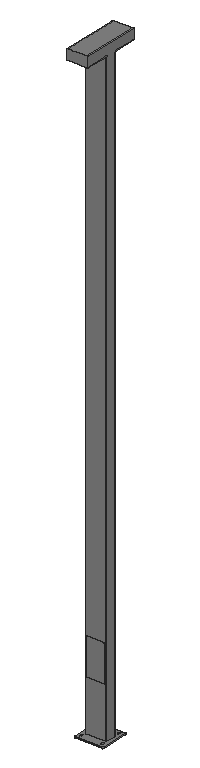
Revit family "Супремус В", category Осветительные приборы, Revit 2019 (continued)
Types (7, lengths in mm): name | Файл фотометрической сетки | built-in parameter 1150105 | Lumens | built-in parameter 1150106 | built-in parameter 1150142 | Wattage | L_общая рассеиватели | ADSK_Фактическая мощность | ADSK_Размер_Высота | ADSK_Номинальная мощность | ADSK_Наименование | ADSK_Масса_Текст | ADSK_Масса | ADSK_Артикул | 2
     41.6 40.0 38.4 36.5 34.7 33.2 32.3 30.6 29.3 28.5\r\n 26.3 23.0 19.4 17.2 16.0 15.0 14.0 13.2 12.4 11.4 10.1 9.5 9.4 9.6 9.9 9.4 8.7 8.2 7.5 7.5 7.0 7.6 7.8 7.5 6.8 5.9 5.2 5.0 4.9\r\n 5.1 5.3 5.4 0.0 0.0 0.0 0.0 0.0 0.0 0.0 0.0 0.0 0.0 0.0 0.0 0.0 0.0 0.0 0.0 0.0 0.0 0.0 0.0 0.0 0.0 0.0 0.0 0.0 0.0 0.0 0.0 0.0\r\n 0.0 0.0 0.0 0.0 0.0 0.0 0.0 0.0 0.0 0.0 0.0 0.0 0.0 0.0 0.0 0.0 0.0 0.0 0.0 0.0 0.0 0.0 0.0 0.0 0.0 0.0 0.0 0.0 0.0 0.0 0.0 0.0\r\n 0.0 0.0 0.0 0.0 0.0 0.0 0.0 0.0 0.0 0.0 0.0 0.0 0.0 0.0 0.0 0.0 0.0 0.0 0.0 0.0 0.0 0.0 0.0 0.0 0.0 0.0 0.0 0.0 0.0 0.0 0.0 0.0\r\n 0.0 0.0 0.0 0.0 0.0 0.0 0.0 0.0 0.0 0.0 0.0 0.0 0.0 0.0 0.0 0.0 0.0 0.0 0.0 0.0 0.0 0.0 0.0 0.0 0.0 0.0 0.0 0.0 0.0 0.0 0.0 0.0\r\n 0.0 0.0 0.0 0.0 0.0 0.0 0.0 0.0 0.0 0.0 0.0 0.0 0.0 0.0 0.0 0.0 0.0 0.0 0.0 0.0 0.0 0.0 0.0 0.0 0.0 0.0 0.0 0.0 0.0 0.0 0.0 0.0\r\n 0.0 0.0 0.0\r\n275.6 273.3 270.8 268.1 265.9 263.1 260.6 258.2 255.5 252.9 250.2 247.2 243.8 239.9 235.5 231.1 227.1 223.2 220.1 217.2 214.0\r\n 210.7 207.1 203.2 199.2 195.4 191.3 187.4 183.1 178.7 174.0 169.0 163.9 158.9 154.0 149.5 145.1 140.9 137.3 134.0 130.8 128.1\r\n 125.5 122.8 120.4 118.0 115.6 113.1 110.3 107.4 104.4 101.3 98.5 95.8 93.2 90.5 87.6 84.6 81.8 79.1 76.8 74.3 72.0 69.7 67.3 65.3\r\n 63.2 61.3 59.6 58.0 56.5 55.0 53.5 52.1 50.6 49.2 48.0 46.7 45.5 44.5 43.5 42.6 41.7 40.9 40.1 39.3 38.6 38.1 37.8 37.3 37.1 37.0\r\n 37.1 37.0 36.8 37.0 37.4 37.8 38.1 38.0 37.8 37.6 37.3 36.8 36.6 37.1 37.0 36.8 36.2 35.5 34.8 34.0 33.7 33.4 33.0 33.0 33.0 33.3\r\n 34.0 34.6 35.5 36.7 38.1 40.0 42.8 47.2 51.7 56.4 60.8 64.8 68.8 72.0 73.8 73.9 72.0 71.0 68.6 66.5 64.1 62.7 61.3 60.0 58.5 56.8\r\n 56.1 55.2 54.4 53.4 52.5 51.8 51.1 50.4 49.5 48.6 47.6 46.3 45.2 44.3 43.2 42.2 40.4 38.6 36.6 34.9 33.6 32.3 30.6 29.5 28.1 25.7\r\n 22.1 18.9 17.2 16.0 14.9 13.9 13.1 12.3 11.4 9.9 9.6 9.6 10.0 9.9 9.6 8.8 8.1 7.7 7.5 7.8 8.6 8.4 7.8 6.8 5.8 5.3 5.2 5.0 5.3 5.5\r\n 5.7 0.0 0.0 0.0 0.0 0.0 0.0 0.0 0.0 0.0 0.0 0.0 0.0 0.0 0.0 0.0 0.0 0.0 0.0 0.0 0.0 0.0 0.0 0.0 0.0 0.0 0.0 0.0 0.0 0.0 0.0 0.0\r\n 0.0 0.0 0.0 0.0 0.0 0.0 0.0 0.0 0.0 0.0 0.0 0.0 0.0 0.0 0.0 0.0 0.0 0.0 0.0 0.0 0.0 0.0 0.0 0.0 0.0 0.0 0.0 0.0 0.0 0.0 0.0 0.0\r\n 0.0 0.0 0.0 0.0 0.0 0.0 0.0 0.0 0.0 0.0 0.0 0.0 0.0 0.0 0.0 0.0 0.0 0.0 0.0 0.0 0.0 0.0 0.0 0.0 0.0 0.0 0.0 0.0 0.0 0.0 0.0 0.0\r\n 0.0 0.0 0.0 0.0 0.0 0.0 0.0 0.0 0.0 0.0 0.0 0.0 0.0 0.0 0.0 0.0 0.0 0.0 0.0 0.0 0.0 0.0 0.0 0.0 0.0 0.0 0.0 0.0 0.0 0.0 0.0 0.0\r\n 0.0 0.0 0.0 0.0 0.0 0.0 0.0 0.0 0.0 0.0 0.0 0.0 0.0 0.0 0.0 0.0 0.0 0.0 0.0 0.0 0.0 0.0 0.0 0.0 0.0 0.0 0.0 0.0 0.0 0.0 0.0 0.0\r\n 0.0\r\n275.6 273.1 270.6 268.0 265.6 263.0 260.5 258.1 255.4 252.7 250.1 247.1 243.8 240.0 235.6 231.1 227.0 223.2 219.9 216.9 213.9\r\n 210.5 207.1 203.2 199.1 195.2 191.3 187.2 183.0 178.5 173.6 168.6 163.8 158.8 153.9 149.2 144.9 140.9 137.1 133.8 130.8 128.1\r\n 125.4 122.6 119.9 117.5 115.3 112.7 109.9 107.0 103.9 100.8 97.9 95.3 92.7 90.0 87.2 84.2 81.4 78.7 76.4 74.1 71.7 69.3 67.0 64.8\r\n 62.8 61.0 59.2 57.6 56.2 54.7 53.3 51.8 50.4 49.0 47.8 46.6 45.4 44.3 43.4 42.5 41.7 40.9 40.1 39.3 38.6 38.3 37.9 37.5 37.3 37.1\r\n 37.1 37.0 36.8 36.8 37.3 37.8 38.1 38.0 37.7 37.4 37.0 36.7 36.7 37.3 37.2 36.9 36.4 35.6 35.0 34.5 34.1 33.8 33.4 33.2 33.2 33.7\r\n 34.3 35.1 35.9 36.8 38.3 40.2 42.7 46.8 51.2 56.3 60.4 64.4 69.4 74.0 75.6 75.1 73.7 72.1 69.9 66.7 64.2 62.0 60.7 59.6 58.6 58.5\r\n 57.0 55.3 54.3 53.7 52.9 52.3 51.9 51.3 50.2 49.2 47.7 46.3 44.9 43.8 42.6 41.3 39.5 37.6 35.7 34.3 33.0 32.0 30.7 29.1 27.4 25.2\r\n 22.0 18.5 16.8 15.6 14.5 13.6 12.7 11.8 11.1 10.0 9.1 8.8 9.1 9.4 8.9 8.4 7.9 7.4 7.5 7.8 9.3 8.1 7.1 6.4 5.8 5.2 5.1 4.9 5.0 5.2\r\n 5.5 0.0 0.0 0.0 0.0 0.0 0.0 0.0 0.0 0.0 0.0 0.0 0.0 0.0 0.0 0.0 0.0 0.0 0.0 0.0 0.0 0.0 0.0 0.0 0.0 0.0 0.0 0.0 0.0 0.0 0.0 0.0\r\n 0.0 0.0 0.0 0.0 0.0 0.0 0.0 0.0 0.0 0.0 0.0 0.0 0.0 0.0 0.0 0.0 0.0 0.0 0.0 0.0 0.0 0.0 0.0 0.0 0.0 0.0 0.0 0.0 0.0 0.0 0.0 0.0\r\n 0.0 0.0 0.0 0.0 0.0 0.0 0.0 0.0 0.0 0.0 0.0 0.0 0.0 0.0 0.0 0.0 0.0 0.0 0.0 0.0 0.0 0.0 0.0 0.0 0.0 0.0 0.0 0.0 0.0 0.0 0.0 0.0\r\n 0.0 0.0 0.0 0.0 0.0 0.0 0.0 0.0 0.0 0.0 0.0 0.0 0.0 0.0 0.0 0.0 0.0 0.0 0.0 0.0 0.0 0.0 0.0 0.0 0.0 0.0 0.0 0.0 0.0 0.0 0.0 0.0\r\n 0.0 0.0 0.0 0.0 0.0 0.0 0.0 0.0 0.0 0.0 0.0 0.0 0.0 0.0 0.0 0.0 0.0 0.0 0.0 0.0 0.0 0.0 0.0 0.0 0.0 0.0 0.0 0.0 0.0 0.0 0.0 0.0\r\n 0.0\r\n275.6 273.1 270.8 268.1 265.6 263.1 260.6 258.0 255.4 252.8 250.1 247.2 243.8 239.9 235.6 231.1 227.1 223.3 220.1 216.9 214.0\r\n 210.7 207.3 203.3 199.4 195.4 191.4 187.4 183.1 178.6 173.7 168.6 163.6 158.8 154.1 149.5 145.1 141.1 137.4 134.1 130.9 128.0\r\n 125.3 122.6 120.1 117.8 115.6 113.1 110.3 107.3 104.4 101.4 98.5 95.8 93.2 90.6 87.6 84.7 81.8 79.0 76.6 74.3 72.1 69.6 67.4 65.2\r\n 63.0 61.3 59.5 57.9 56.4 54.9 53.6 52.1 50.7 49.3 48.1 46.9 45.7 44.7 43.7 42.8 41.9 41.0 40.2 39.4 38.7 38.2 37.7 37.3 37.2 37.0\r\n 36.9 36.7 36.5 36.5 37.1 37.7 38.0 37.9 37.7 37.2 36.8 36.6 36.6 37.3 37.3 36.9 36.3 35.5 35.1 34.6 34.1 33.6 33.1 32.9 33.0 33.4\r\n 34.0 34.6 35.7 36.8 38.4 40.4 42.9 46.8 51.4 56.2 60.0 63.6 67.4 71.1 73.3 74.1 72.9 71.5 69.3 67.0 64.9 62.5 60.5 59.5 58.8 57.6\r\n 56.9 55.9 54.7 53.9 52.9 52.2 51.5 50.9 50.0 49.1 47.9 46.8 45.6 44.7 43.7 42.2 40.2 38.3 36.4 35.2 33.6 32.6 31.5 29.4 27.6 25.3\r\n 21.9 18.6 16.9 15.6 14.5 13.5 12.6 11.8 10.8 9.7 9.4 9.1 9.4 9.8 9.3 8.7 8.1 7.7 7.7 8.3 9.7 8.5 7.2 6.4 5.7 5.2 5.0 5.1 5.2 5.3\r\n 5.6 0.0 0.0 0.0 0.0 0.0 0.0 0.0 0.0 0.0 0.0 0.0 0.0 0.0 0.0 0.0 0.0 0.0 0.0 0.0 0.0 0.0 0.0 0.0 0.0 0.0 0.0 0.0 0.0 0.0 0.0 0.0\r\n 0.0 0.0 0.0 0.0 0.0 0.0 0.0 0.0 0.0 0.0 0.0 0.0 0.0 0.0 0.0 0.0 0.0 0.0 0.0 0.0 0.0 0.0 0.0 0.0 0.0 0.0 0.0 0.0 0.0 0.0 0.0 0.0\r\n 0.0 0.0 0.0 0.0 0.0 0.0 0.0 0.0 0.0 0.0 0.0 0.0 0.0 0.0 0.0 0.0 0.0 0.0 0.0 0.0 0.0 0.0 0.0 0.0 0.0 0.0 0.0 0.0 0.0 0.0 0.0 0.0\r\n 0.0 0.0 0.0 0.0 0.0 0.0 0.0 0.0 0.0 0.0 0.0 0.0 0.0 0.0 0.0 0.0 0.0 0.0 0.0 0.0 0.0 0.0 0.0 0.0 0.0 0.0 0.0 0.0 0.0 0.0 0.0 0.0\r\n 0.0 0.0 0.0 0.0 0.0 0.0 0.0 0.0 0.0 0.0 0.0 0.0 0.0 0.0 0.0 0.0 0.0 0.0 0.0 0.0 0.0 0.0 0.0 0.0 0.0 0.0 0.0 0.0 0.0 0.0 0.0 0.0\r\n 0.0\r\n275.6 273.3 270.8 268.4 265.7 263.2 260.8 258.3 255.7 253.1 250.5 247.7 244.4 240.7 236.6 232.2 228.0 224.1 220.7 217.7 214.8\r\n 211.4 208.2 204.6 200.6 196.6 192.8 188.8 184.5 180.4 175.5 170.6 165.6 160.8 156.1 151.6 147.3 143.1 139.2 135.5 132.4 129.4\r\n 126.7 124.1 121.3 118.9 116.7 114.4 111.9 109.2 106.2 103.4 100.6 97.8 95.0 92.3 89.6 86.7 83.8 80.9 78.3 75.9 73.7 71.4 69.0\r\n 66.7 64.6 62.8 61.0 59.3 57.7 56.2 54.8 53.3 51.9 50.5 49.2 48.0 46.8 45.6 44.5 43.4 42.4 41.5 40.5 39.7 38.9 38.2 37.7 37.2 36.9\r\n 36.6 36.4 36.4 36.1 35.8 35.9 36.6 37.0 37.3 37.1 36.7 36.3 36.1 36.0 36.5 37.0 36.6 35.8 34.9 34.4 34.0 33.4 32.9 32.5 32.2 32.3\r\n 32.7 33.2 33.8 34.5 35.3 36.9 38.8 41.1 44.4 48.4 52.6 56.1 59.5 62.3 64.3 66.5 69.0 70.0 69.4 68.2 66.5 64.6 62.9 61.3 59.2 57.2\r\n 55.9 54.9 54.3 53.7 52.7 51.7 51.1 50.5 49.7 48.8 47.9 46.9 46.3 45.7 44.7 43.8 42.7 41.0 39.1 37.3 35.7 34.3 33.2 32.4 30.4 28.4\r\n 26.4 23.7 19.7 17.6 16.4 15.3 14.3 13.4 12.6 11.4 10.2 9.8 9.6 9.6 10.0 9.7 8.8 8.1 7.7 7.6 8.4 9.7 8.7 7.5 6.8 6.0 5.4 5.1 5.3\r\n 5.3 5.6 5.9 0.0 0.0 0.0 0.0 0.0 0.0 0.0 0.0 0.0 0.0 0.0 0.0 0.0 0.0 0.0 0.0 0.0 0.0 0.0 0.0 0.0 0.0 0.0 0.0 0.0 0.0 0.0 0.0 0.0\r\n 0.0 0.0 0.0 0.0 0.0 0.0 0.0 0.0 0.0 0.0 0.0 0.0 0.0 0.0 0.0 0.0 0.0 0.0 0.0 0.0 0.0 0.0 0.0 0.0 0.0 0.0 0.0 0.0 0.0 0.0 0.0 0.0\r\n 0.0 0.0 0.0 0.0 0.0 0.0 0.0 0.0 0.0 0.0 0.0 0.0 0.0 0.0 0.0 0.0 0.0 0.0 0.0 0.0 0.0 0.0 0.0 0.0 0.0 0.0 0.0 0.0 0.0 0.0 0.0 0.0\r\n 0.0 0.0 0.0 0.0 0.0 0.0 0.0 0.0 0.0 0.0 0.0 0.0 0.0 0.0 0.0 0.0 0.0 0.0 0.0 0.0 0.0 0.0 0.0 0.0 0.0 0.0 0.0 0.0 0.0 0.0 0.0 0.0\r\n 0.0 0.0 0.0 0.0 0.0 0.0 0.0 0.0 0.0 0.0 0.0 0.0 0.0 0.0 0.0 0.0 0.0 0.0 0.0 0.0 0.0 0.0 0.0 0.0 0.0 0.0 0.0 0.0 0.0 0.0 0.0 0.0\r\n 0.0 0.0 0.0\r\n275.6 273.3 270.8 268.4 266.0 263.6 261.0 258.7 256.0 253.4 250.8 248.1 244.8 241.2 237.3 233.0 228.7 224.8 221.5 218.3 215.5\r\n 212.4 209.2 205.6 201.8 198.1 194.0 190.1 186.0 182.0 177.6 172.5 167.8 162.9 158.3 153.8 149.5 145.3 141.4 137.6 134.1 130.9\r\n 128.1 125.5 122.9 120.5 118.3 116.2 113.9 111.4 108.8 106.2 103.6 100.6 97.9 95.0 92.2 89.3 86.3 83.5 80.8 78.2 75.7 73.5 71.3\r\n 69.0 67.0 65.0 63.0 61.3 59.6 58.0 56.4 55.0 53.5 52.0 50.7 49.4 48.1 46.8 45.6 44.4 43.3 42.2 41.2 40.2 39.3 38.4 37.6 37.1 36.8\r\n 36.6 36.3 36.1 36.0 35.7 35.4 35.5 36.0 36.3 36.5 36.2 35.7 35.4 35.3 35.6 36.0 36.0 35.6 34.8 34.0 33.4 32.9 32.3 31.9 31.7 31.6\r\n 31.8 32.1 32.6 33.3 34.1 35.4 37.1 39.2 42.0 45.7 49.1 52.0 54.7 56.9 58.0 59.1 60.7 62.7 63.8 63.9 63.4 61.9 60.6 59.8 57.8 55.5\r\n 53.6 51.9 50.4 49.5 48.7 48.1 47.6 47.1 46.5 45.9 45.3 44.7 43.8 43.0 42.4 41.7 40.8 39.5 38.0 36.4 34.8 32.9 31.6 30.8 29.0 27.1\r\n 25.2 22.8 19.2 16.9 15.8 14.7 13.7 13.0 12.1 11.3 10.4 10.1 9.8 9.5 9.4 9.4 8.6 8.0 7.5 7.3 7.9 8.5 8.8 6.8 6.2 5.6 5.3 5.1 5.3\r\n 5.3 5.5 5.5 0.0 0.0 0.0 0.0 0.0 0.0 0.0 0.0 0.0 0.0 0.0 0.0 0.0 0.0 0.0 0.0 0.0 0.0 0.0 0.0 0.0 0.0 0.0 0.0 0.0 0.0 0.0 0.0 0.0\r\n 0.0 0.0 0.0 0.0 0.0 0.0 0.0 0.0 0.0 0.0 0.0 0.0 0.0 0.0 0.0 0.0 0.0 0.0 0.0 0.0 0.0 0.0 0.0 0.0 0.0 0.0 0.0 0.0 0.0 0.0 0.0 0.0\r\n 0.0 0.0 0.0 0.0 0.0 0.0 0.0 0.0 0.0 0.0 0.0 0.0 0.0 0.0 0.0 0.0 0.0 0.0 0.0 0.0 0.0 0.0 0.0 0.0 0.0 0.0 0.0 0.0 0.0 0.0 0.0 0.0\r\n 0.0 0.0 0.0 0.0 0.0 0.0 0.0 0.0 0.0 0.0 0.0 0.0 0.0 0.0 0.0 0.0 0.0 0.0 0.0 0.0 0.0 0.0 0.0 0.0 0.0 0.0 0.0 0.0 0.0 0.0 0.0 0.0\r\n 0.0 0.0 0.0 0.0 0.0 0.0 0.0 0.0 0.0 0.0 0.0 0.0 0.0 0.0 0.0 0.0 0.0 0.0 0.0 0.0 0.0 0.0 0.0 0.0 0.0 0.0 0.0 0.0 0.0 0.0 0.0 0.0\r\n 0.0 0.0 0.0\r\n275.6 273.4 271.1 268.7 266.2 264.0 261.6 259.2 256.8 254.2 251.7 248.9 246.0 242.7 238.9 234.8 230.6 226.6 222.8 219.7 216.8\r\n 213.8 210.9 207.7 204.0 200.3 196.5 192.7 188.8 184.8 181.0 176.5 171.8 167.0 162.4 157.9 153.6 149.4 145.4 141.5 137.6 134.1\r\n 131.1 128.3 125.9 123.4 120.9 118.9 116.9 114.8 112.5 110.1 107.8 105.2 102.5 99.7 96.8 93.8 90.8 87.8 84.9 82.2 79.6 77.2 74.9\r\n 72.7 70.4 68.3 66.4 64.5 62.8 61.2 59.6 58.0 56.5 54.9 53.5 52.1 50.7 49.3 47.9 46.6 45.3 44.0 42.8 41.7 40.6 39.6 38.6 37.6 36.8\r\n 36.5 36.2 36.0 35.8 35.6 35.4 35.1 34.8 34.9 35.3 35.3 35.2 34.8 34.5 34.5 34.5 35.2 35.4 35.0 34.1 33.3 32.5 31.7 31.0 30.4 30.1\r\n 30.0 30.1 30.6 31.2 31.9 33.2 34.7 36.1 38.0 41.1 44.1 46.9 49.5 51.2 51.9 52.0 52.5 53.6 55.2 56.8 57.8 57.9 57.5 57.1 56.6 54.7\r\n 53.0 51.2 48.8 47.0 45.6 44.8 44.0 43.5 42.9 42.5 42.1 41.7 41.2 40.6 40.2 39.6 39.1 38.2 37.3 36.0 34.2 32.6 31.3 30.3 29.2 27.0\r\n 25.3 23.4 20.6 17.6 16.1 14.9 13.8 12.9 12.1 11.1 10.5 9.6 9.6 9.3 9.3 9.0 8.9 8.2 7.7 7.4 7.5 7.1 7.3 6.4 5.9 5.4 5.3 5.1 5.1\r\n 5.2 5.3 4.7 0.0 0.0 0.0 0.0 0.0 0.0 0.0 0.0 0.0 0.0 0.0 0.0 0.0 0.0 0.0 0.0 0.0 0.0 0.0 0.0 0.0 0.0 0.0 0.0 0.0 0.0 0.0 0.0 0.0\r\n 0.0 0.0 0.0 0.0 0.0 0.0 0.0 0.0 0.0 0.0 0.0 0.0 0.0 0.0 0.0 0.0 0.0 0.0 0.0 0.0 0.0 0.0 0.0 0.0 0.0 0.0 0.0 0.0 0.0 0.0 0.0 0.0\r\n 0.0 0.0 0.0 0.0 0.0 0.0 0.0 0.0 0.0 0.0 0.0 0.0 0.0 0.0 0.0 0.0 0.0 0.0 0.0 0.0 0.0 0.0 0.0 0.0 0.0 0.0 0.0 0.0 0.0 0.0 0.0 0.0\r\n 0.0 0.0 0.0 0.0 0.0 0.0 0.0 0.0 0.0 0.0 0.0 0.0 0.0 0.0 0.0 0.0 0.0 0.0 0.0 0.0 0.0 0.0 0.0 0.0 0.0 0.0 0.0 0.0 0.0 0.0 0.0 0.0\r\n 0.0 0.0 0.0 0.0 0.0 0.0 0.0 0.0 0.0 0.0 0.0 0.0 0.0 0.0 0.0 0.0 0.0 0.0 0.0 0.0 0.0 0.0 0.0 0.0 0.0 0.0 0.0 0.0 0.0 0.0 0.0 0.0\r\n 0.0 0.0 0.0\r\n275.6 273.5 271.2 268.9 266.7 264.3 262.1 259.9 257.4 254.9 252.4 249.9 247.1 243.9 240.4 236.6 232.5 228.3 224.6 221.2 218.1\r\n 215.3 212.6 209.4 206.2 202.8 199.0 195.4 191.6 187.9 184.1 180.3 176.0 171.5 166.7 162.4 158.1 153.9 149.8 146.1 142.0 138.2\r\n 134.7 131.7 128.9 126.5 124.3 122.2 120.2 118.2 116.3 114.4 112.2 109.9 107.5 105.1 102.5 99.5 96.5 93.4 90.4 87.3 84.6 81.9 79.5\r\n 77.3 75.2 73.0 70.9 68.9 67.1 65.3 63.4 62.0 60.3 58.7 57.0 55.4 53.7 52.1 50.5 49.0 47.5 46.1 44.7 43.3 42.2 41.0 40.0 39.0 38.1\r\n 37.2 36.5 36.1 35.8 35.5 35.3 35.1 34.9 34.6 34.3 34.4 34.5 34.5 34.4 34.0 33.8 34.0 34.5 34.8 34.2 33.4 32.6 31.7 30.9 30.0 29.4\r\n 29.0 28.8 28.8 29.0 29.5 30.6 32.1 33.8 35.5 37.7 40.2 42.7 45.2 46.6 46.7 46.6 46.5 46.8 47.5 48.5 49.7 50.9 51.6 52.1 52.3 52.2\r\n 51.5 50.5 48.8 46.9 45.2 43.9 43.0 42.3 41.9 41.2 40.7 40.0 39.3 38.8 39.0 38.8 38.0 37.2 36.0 34.7 33.2 31.7 30.3 29.3 28.3 26.9\r\n 25.5 24.2 22.1 19.4 17.7 16.5 15.3 14.2 13.2 12.1 11.3 10.6 10.6 9.7 9.4 8.9 8.7 8.3 7.5 7.1 6.9 6.8 6.3 5.9 5.5 5.1 5.0 5.0 5.0\r\n 4.9 4.7 3.6 0.0 0.0 0.0 0.0 0.0 0.0 0.0 0.0 0.0 0.0 0.0 0.0 0.0 0.0 0.0 0.0 0.0 0.0 0.0 0.0 0.0 0.0 0.0 0.0 0.0 0.0 0.0 0.0 0.0\r\n 0.0 0.0 0.0 0.0 0.0 0.0 0.0 0.0 0.0 0.0 0.0 0.0 0.0 0.0 0.0 0.0 0.0 0.0 0.0 0.0 0.0 0.0 0.0 0.0 0.0 0.0 0.0 0.0 0.0 0.0 0.0 0.0\r\n 0.0 0.0 0.0 0.0 0.0 0.0 0.0 0.0 0.0 0.0 0.0 0.0 0.0 0.0 0.0 0.0 0.0 0.0 0.0 0.0 0.0 0.0 0.0 0.0 0.0 0.0 0.0 0.0 0.0 0.0 0.0 0.0\r\n 0.0 0.0 0.0 0.0 0.0 0.0 0.0 0.0 0.0 0.0 0.0 0.0 0.0 0.0 0.0 0.0 0.0 0.0 0.0 0.0 0.0 0.0 0.0 0.0 0.0 0.0 0.0 0.0 0.0 0.0 0.0 0.0\r\n 0.0 0.0 0.0 0.0 0.0 0.0 0.0 0.0 0.0 0.0 0.0 0.0 0.0 0.0 0.0 0.0 0.0 0.0 0.0 0.0 0.0 0.0 0.0 0.0 0.0 0.0 0.0 0.0 0.0 0.0 0.0 0.0\r\n 0.0 0.0 0.0\r\n275.6 273.5 271.3 269.1 267.0 264.8 262.6 260.3 258.2 255.6 253.2 250.8 248.3 245.4 242.3 238.7 235.1 231.1 227.2 223.6 220.4\r\n 217.2 214.4 211.6 208.8 205.8 202.5 198.9 195.5 191.7 188.4 184.7 181.1 177.2 173.1 168.6 164.2 160.0 156.0 152.3 148.6 144.9\r\n 141.2 137.5 134.2 131.5 129.0 126.8 124.7 122.7 120.6 118.8 117.1 115.2 113.2 111.1 109.1 106.9 104.4 101.5 98.5 95.5 92.4 89.3\r\n 86.4 83.9 81.6 79.4 77.3 75.1 73.1 71.1 69.2 67.2 65.3 63.5 61.9 60.4 58.8 57.0 55.2 53.4 51.7 50.0 48.3 46.6 45.1 43.7 42.4 41.3\r\n 40.1 39.1 38.2 37.4 36.6 35.9 35.6 35.3 35.0 34.8 34.7 34.5 34.2 33.9 33.8 33.7 33.5 33.4 33.2 33.3 33.8 34.0 33.4 32.8 31.9 31.0\r\n 30.1 29.1 28.4 27.9 27.6 27.6 27.8 28.4 29.4 30.7 32.2 34.3 37.0 39.8 42.6 44.5 44.8 44.4 43.6 42.9 43.2 43.4 44.0 44.8 45.5 46.1\r\n 46.2 46.0 45.9 45.4 44.9 44.2 43.3 43.1 43.2 42.3 41.4 40.3 39.4 38.3 37.5 37.3 37.2 36.5 35.4 34.3 32.9 31.6 30.2 29.0 28.3 27.1\r\n 25.9 24.8 23.8 22.4 20.6 18.2 16.7 15.6 14.6 13.7 12.7 11.7 10.8 10.2 9.9 9.0 8.6 8.0 8.0 7.6 6.8 6.4 6.0 5.4 5.0 4.7 4.5 4.4 4.4\r\n 4.3 4.2 3.7 2.6 0.0 0.0 0.0 0.0 0.0 0.0 0.0 0.0 0.0 0.0 0.0 0.0 0.0 0.0 0.0 0.0 0.0 0.0 0.0 0.0 0.0 0.0 0.0 0.0 0.0 0.0 0.0 0.0\r\n 0.0 0.0 0.0 0.0 0.0 0.0 0.0 0.0 0.0 0.0 0.0 0.0 0.0 0.0 0.0 0.0 0.0 0.0 0.0 0.0 0.0 0.0 0.0 0.0 0.0 0.0 0.0 0.0 0.0 0.0 0.0 0.0\r\n 0.0 0.0 0.0 0.0 0.0 0.0 0.0 0.0 0.0 0.0 0.0 0.0 0.0 0.0 0.0 0.0 0.0 0.0 0.0 0.0 0.0 0.0 0.0 0.0 0.0 0.0 0.0 0.0 0.0 0.0 0.0 0.0\r\n 0.0 0.0 0.0 0.0 0.0 0.0 0.0 0.0 0.0 0.0 0.0 0.0 0.0 0.0 0.0 0.0 0.0 0.0 0.0 0.0 0.0 0.0 0.0 0.0 0.0 0.0 0.0 0.0 0.0 0.0 0.0 0.0\r\n 0.0 0.0 0.0 0.0 0.0 0.0 0.0 0.0 0.0 0.0 0.0 0.0 0.0 0.0 0.0 0.0 0.0 0.0 0.0 0.0 0.0 0.0 0.0 0.0 0.0 0.0 0.0 0.0 0.0 0.0 0.0 0.0\r\n 0.0 0.0 0.0 0.0\r\n275.6 273.7 271.5 269.5 267.3 265.2 263.1 261.2 259.1 256.8 254.3 252.0 249.5 246.9 244.2 240.9 237.3 233.7 230.0 226.3 222.9\r\n 219.7 216.6 213.7 211.2 208.6 205.7 202.6 199.1 195.9 192.6 189.0 185.6 182.2 178.8 175.1 171.2 166.8 162.7 159.0 155.3 151.8\r\n 148.4 144.9 141.5 137.9 134.8 132.1 129.7 127.5 125.6 124.1 122.5 120.8 119.2 117.5 115.6 113.7 111.7 109.5 106.9 104.2 101.5\r\n 98.6 95.6 92.9 90.2 87.6 85.2 82.8 80.7 78.7 76.6 74.8 72.8 70.9 69.0 67.1 65.2 63.3 61.6 59.8 58.0 56.0 54.0 52.0 50.1 48.2 46.4\r\n 44.7 43.2 41.9 40.8 39.7 38.7 37.8 37.0 36.3 35.7 35.4 35.1 34.8 34.7 34.5 34.2 33.9 33.4 33.1 32.8 32.6 32.6 32.8 33.2 33.2 32.4\r\n 31.5 30.7 30.0 29.3 28.4 27.5 26.9 26.4 26.1 26.1 26.5 27.4 28.6 30.1 31.9 34.2 36.3 39.0 41.8 42.8 43.4 42.3 41.7 41.3 41.5 41.7\r\n 41.6 41.0 40.4 39.8 38.9 38.4 37.7 37.2 37.0 37.5 38.1 37.7 36.5 35.9 35.6 35.6 35.8 34.5 32.7 31.6 30.4 28.9 27.4 26.2 25.1 24.3\r\n 23.5 22.9 22.2 21.7 20.6 19.0 17.1 15.2 14.0 13.0 12.1 11.2 10.0 9.1 8.5 8.3 7.8 7.2 6.9 6.7 6.6 6.1 5.7 5.2 4.7 4.4 4.1 4.0 4.1\r\n 4.0 3.9 3.5 2.5 2.2 0.0 0.0 0.0 0.0 0.0 0.0 0.0 0.0 0.0 0.0 0.0 0.0 0.0 0.0 0.0 0.0 0.0 0.0 0.0 0.0 0.0 0.0 0.0 0.0 0.0 0.0 0.0\r\n 0.0 0.0 0.0 0.0 0.0 0.0 0.0 0.0 0.0 0.0 0.0 0.0 0.0 0.0 0.0 0.0 0.0 0.0 0.0 0.0 0.0 0.0 0.0 0.0 0.0 0.0 0.0 0.0 0.0 0.0 0.0 0.0\r\n 0.0 0.0 0.0 0.0 0.0 0.0 0.0 0.0 0.0 0.0 0.0 0.0 0.0 0.0 0.0 0.0 0.0 0.0 0.0 0.0 0.0 0.0 0.0 0.0 0.0 0.0 0.0 0.0 0.0 0.0 0.0 0.0\r\n 0.0 0.0 0.0 0.0 0.0 0.0 0.0 0.0 0.0 0.0 0.0 0.0 0.0 0.0 0.0 0.0 0.0 0.0 0.
